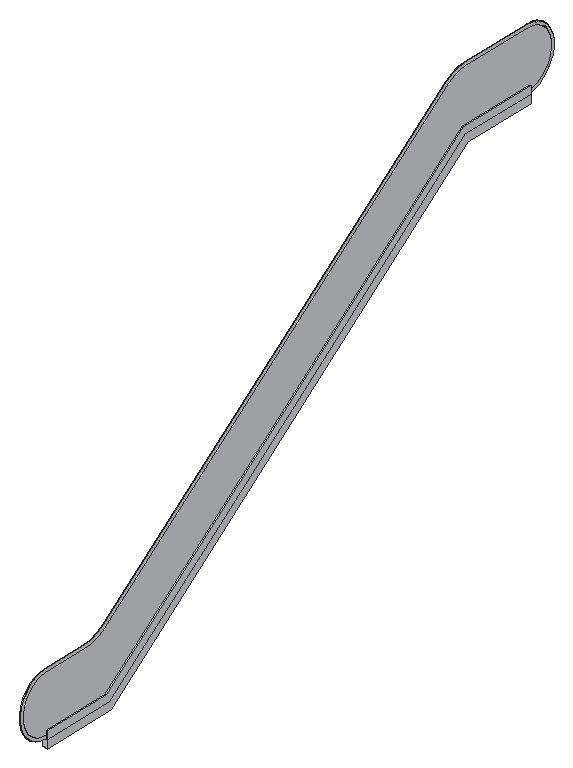
Revit family "Balustrade1", category Generic Models, Revit 2024
Family settings
  Can host rebar = No
  Round Connector Dimension = Use Diameter
  Part Type = Normal
  Work Plane-Based = No
  Always vertical = Yes
  Cut with Voids When Loaded = No
  Maintain Annotation Orientation = No
  Shared = No
  Room Calculation Point = No
Parameters
  Upper Radius of Curvature = 800 mm
  Upper Horizontal Distance = Lower Horizontal Distance  # 1500 mm
  Upper Handrail Horizontal = Upper Horizontal Distance  # 1500 mm
  Upper Balustrade Horizontal = Upper Horizontal Distance + Newel Entry FFL * tan(Angle of Inclination / 2)  # 1547.295 mm
  Transition Length = Rise / tan(Angle of Inclination)  # 8568.888 mm
  Rise = 6000 mm
  Newel Upper Horizontal = Upper Horizontal Distance + Newel Entry FFL * tan(Angle of Inclination / 2)  # 1547.295 mm
  Newel Radius = 600 mm
  Newel Entry FFL = 150 mm
  Lower Radius of Curvature = 800 mm
  Lower Horizontal Distance = 1500 mm
  Lower Handrail Horizontal = Lower Horizontal Distance - Lower Radius of Curvature * tan(Angle of Inclination)  # 939.834 mm
  Handrail Width = 20 mm
  Handrail Vertical Height = 2 * Newel Radius + Newel Entry FFL  # 1350 mm
  Handrail Upper Radius = Upper Radius of Curvature  # 800 mm
  Handrail Upper Inner Radius = Handrail Upper Radius - Handrail Thickness  # 750 mm
  Handrail Thickness = 50 mm
  Handrail Lower Radius = Lower Radius of Curvature  # 800 mm
  Handrail Lower Inner Radius = Handrail Lower Radius + Handrail Thickness  # 850 mm
  Handrail Inner Radius = Newel Radius - Handrail Thickness  # 550 mm
  Default Elevation = 0 mm
  Balustrade Width = 100 mm
  Balustrade Glass thickness = 4 mm
  Balustrade Extension above Newel = 150 mm
  Balustrade Extension Upper Horizontal = Upper Horizontal Distance + (Newel Entry FFL + Balustrade Extension above Newel) * tan(Angle of Inclination / 2)  # 1594.59 mm
  Balustrade Extension Lower Horizontal = Lower Horizontal Distance - (Newel Entry FFL + Balustrade Extension above Newel) * tan(Angle of Inclination / 2)  # 1405.41 mm
  Angle of Inclination = 35.00°
Reference planes
  plane 1 "Center (Front/Back)": y = 0
  plane 2: z = 0
  plane 3 "Center (Left/Right)": x = 0
  plane 4: z = 6000
  plane 5: y = 8568.888
  plane 6: x = 50
  plane 7: x = -50
  plane 8: x = -2
  plane 9: x = 2
  plane 10: x = -10
  plane 11: x = 10
Forms (mm)
  Extrusion 1, solid
    sketch origin (0, 0, 0) x (0, 1, 0) y (0, 0, 1)
      loop
        line (0, 0) -> (8568.888, 6000) -> (10068.888, 6000) -> (10068.888, 6150) -> (8521.593, 6150) -> (-28.496, 150) -> (-1500, 150) -> (-1500, 0) -> (0, 0)
    from -50 to 50
  Extrusion 2, solid
    sketch origin (0, 0, 0) x (0, 1, 0) y (0, 0, 1)
      loop
        line (-1500, 150) -> (-28.496, 150) -> (8521.593, 6150) -> (10068.888, 6150)
        arc (10068.888, 6150) -> (10668.888, 6750) -> (10068.888, 7350) r 600
        line (10068.888, 7350) -> (8568.888, 7350)
        arc (8568.888, 7350) -> (8329.542, 7313.357) -> (8112.121, 7206.783) r 800
        line (8112.121, 7206.783) -> (-103.399, 1493.217)
        arc (-103.399, 1493.217) -> (-320.82, 1386.643) -> (-560.166, 1350) r 800
        line (-560.166, 1350) -> (-1500, 1350)
        arc (-1500, 1350) -> (-2100, 750) -> (-1500, 150) r 600
    from -2 to 2
  Extrusion 3, solid
    sketch origin (0, 0, 0) x (0, 1, 0) y (0, 0, 1)
      loop
        arc (10068.888, 6150) -> (10668.888, 6750) -> (10068.888, 7350) r 600
        line (10068.888, 7350) -> (8568.888, 7350)
        arc (8568.888, 7350) -> (8329.542, 7313.357) -> (8112.121, 7206.783) r 800
        line (8112.121, 7206.783) -> (-103.399, 1493.217)
        arc (-103.399, 1493.217) -> (-320.82, 1386.643) -> (-560.166, 1350) r 800
        line (-560.166, 1350) -> (-1500, 1350)
        arc (-1500, 1350) -> (-2100, 750) -> (-1500, 150) r 600
        line (-1500, 150) -> (-28.496, 150) -> (8521.593, 6150) -> (10068.888, 6150)
      loop
        line (8140.741, 7165.784) -> (-39.061, 1478.472)
        arc (-39.061, 1478.472) -> (-284.756, 1345.855) -> (-560.166, 1300) r 850
        line (-560.166, 1300) -> (-1500, 1300)
        arc (-1500, 1300) -> (-2050, 750) -> (-1500, 200) r 550
        line (-1500, 200) -> (-44.289, 200) -> (8505.8, 6200) -> (10068.888, 6200)
        arc (10068.888, 6200) -> (10618.888, 6750) -> (10068.888, 7300) r 550
        line (10068.888, 7300) -> (8568.888, 7300)
        arc (8568.888, 7300) -> (8344.543, 7265.66) -> (8140.741, 7165.784) r 750
    from -10 to 10
  Extrusion 4, solid
    sketch origin (0, 0, 0) x (0, 1, 0) y (0, 0, 1)
      loop
        line (-1500, 150) -> (-28.496, 150) -> (8521.593, 6150) -> (10068.888, 6150) -> (10068.888, 6300) -> (8474.298, 6300) -> (-94.59, 300) -> (-1500, 300) -> (-1500, 150)
    from -50 to 50
Dimensions and locks
  "Transition Length": plane 1 "Center (Front/Back)" to plane 5
  "Rise": plane 4 to level
  "Newel Entry FFL": Extrusion 1 sketch curve to Extrusion 1 sketch curve  (x2)
  "Lower Horizontal Distance": Extrusion 1 sketch curve to Extrusion 1 sketch curve
  "Newel Upper Horizontal": Extrusion 1 sketch curve to Extrusion 1 sketch curve
  "Upper Horizontal Distance": Extrusion 1 sketch curve to Extrusion 1 sketch curve
  equal spacing: plane 6, plane 3 "Center (Left/Right)", plane 7
  "Balustrade Width": plane 6 to plane 7
  "Upper Balustrade Horizontal": Extrusion 2 sketch curve to Extrusion 2 sketch curve
  "Handrail Vertical Height": Extrusion 1 to Extrusion 2 sketch curve  (x2)
  "Upper Handrail Horizontal": Extrusion 2 sketch curve to Extrusion 2 sketch curve
  "Lower Handrail Horizontal": Extrusion 2 sketch curve to Extrusion 2 sketch curve
  equal spacing: plane 9, plane 3 "Center (Left/Right)", plane 8
  "Balustrade Glass thickness": plane 9 to plane 8
  "Handrail Thickness": Extrusion 1 to Extrusion 3 sketch curve  (x3)
  equal spacing: plane 11, plane 3 "Center (Left/Right)", plane 10
  "Handrail Width": plane 11 to plane 10
  "Balustrade Extension above Newel": Extrusion 1 to Extrusion 4 sketch curve  (x2)
  "Balustrade Extension Lower Horizontal": Extrusion 4 sketch curve to Extrusion 4 sketch curve
  "Balustrade Extension Upper Horizontal": Extrusion 4 sketch curve to Extrusion 4 sketch curve
  "Newel Radius": radius of Extrusion 2 sketch curve  (x2)
  "Lower Radius of Curvature": radius of Extrusion 2 sketch curve
  "Upper Radius of Curvature": radius of Extrusion 2 sketch curve
  "Handrail Upper Radius": radius of Extrusion 3 sketch curve
  "Handrail Lower Radius": radius of Extrusion 3 sketch curve
  "Handrail Inner Radius": radius of Extrusion 3 sketch curve  (x2)
  "Handrail Lower Inner Radius": radius of Extrusion 3 sketch curve
  "Handrail Upper Inner Radius": radius of Extrusion 3 sketch curve
  "Angle of Inclination": angle level to Extrusion 1 sketch curve
  aligned and locked: level to plane 2
  aligned and locked: plane 1 "Center (Front/Back)" to Extrusion 1 sketch curve
  aligned and locked: plane 5 to Extrusion 1 sketch curve
  aligned and locked: plane 4 to Extrusion 1 sketch curve
  aligned and locked: Extrusion 1 sketch curve to level
  aligned and locked: Extrusion 1 to plane 7
  aligned and locked: plane 6 to Extrusion 1
  aligned and locked: Extrusion 2 sketch curve to Extrusion 1  (x3)
  aligned and locked: Extrusion 1 to Extrusion 2 sketch curve
  aligned and locked: plane 8 to Extrusion 2
  aligned and locked: plane 9 to Extrusion 2
  aligned and locked: Extrusion 3 sketch curve to Extrusion 1  (x4)
  aligned and locked: Extrusion 3 sketch curve to Extrusion 2  (x2)
  aligned and locked: Extrusion 1 to Extrusion 3 sketch curve  (x2)
  aligned and locked: plane 10 to Extrusion 3
  aligned and locked: plane 11 to Extrusion 3
  aligned and locked: Extrusion 4 sketch curve to Extrusion 1  (x5)
  aligned and locked: Extrusion 4 to plane 7
  aligned and locked: plane 6 to Extrusion 4
  aligned and locked: Extrusion 4 to Extrusion 3 sketch curve
Automatic sketch dimensions
  plane 1 "Center (Front/Back)" to Extrusion 1 sketch curve = 28.496 mm
  Extrusion 2 sketch curve to Extrusion 2 sketch curve = 0 mm
  Extrusion 3 sketch curve to Extrusion 3 sketch curve = 0 mm  (x3)
  plane 1 "Center (Front/Back)" to Extrusion 3 sketch curve = 39.061 mm
